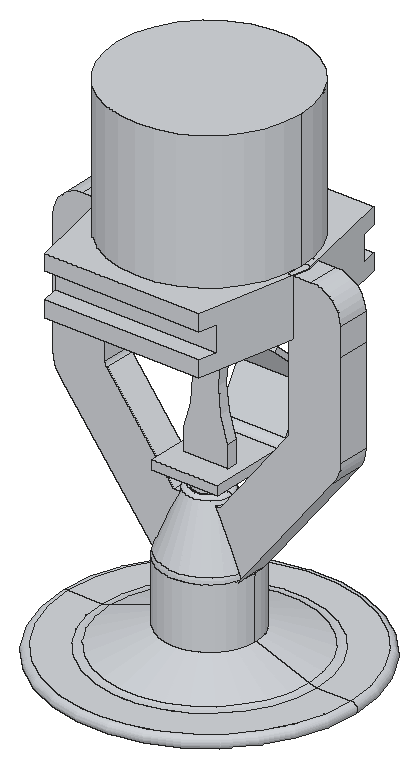
Revit family
Parameters (values of type "RASCO JL112 PENDENT")
  Temperature Rating = 212 °F
  Response = 1
  RASCO SIN # = "R7216"
  RASCO Part # = "JL112P2C"
  Pressure Rating = "175 PSI"
  Pressure Class = (empty or 0)
  Orifice Size = 3/4"
  Orifice = (empty or 0)
  Model = "JL112"
  Manufacturer = "RASCO"
  K-Factor = 11.2
  Description = "CHROME FINISH"
  Coverage = (empty or 0)
Reference planes (in)
  plane 1 "Center (Front/Back)": y = 0
  plane 2: z = 0
  plane 3 "Center (Left/Right)": x = 0
Nested families (in)
  nested 1: "JL112P2C" at (0, 0.0134, 2.95) x (-1, 0, 0) z (0, 0, -1), type "RASCO JL112 PENDENT"
Connectors (in)
  piping at (0, 0.0134, 2.95)
    settings: on nested 1, index 1, connector radius 1/2", flow factor 0, pipe flow 0 GPM, pressure drop 0.00 psi, fitting loss kfactor 0, connector angle 0.00°, fixture units 0, flow configuration 0, flow direction 0, fitting loss method 0, system type 7, connector reference index -1, connector utility 0, adjustable connector no, is connector primary yes, fitting loss table "", connector description ""
Definition of nested family "JL112P2C"
  Parameters (values of type "RASCO JL112 PENDENT")
    Type Comments = ""
    Temperature Rating = 0 °F
    Response = (empty or 0)
    Pressure Rating = "0"
    Pressure Class = (empty or 0)
    Orifice Size = 0"
    Orifice = (empty or 0)
    Model = ""
    Manufacturer = ""
    K-Factor = 0
    Description = ""
    Coverage = (empty or 0)
    Assembly Code = ""
  Reference planes (in)
    plane 1 "Center (Front/Back)": y = 0
    plane 2: z = 0
    plane 3 "REF.1": z = 0.773
    plane 4 "top": z = 2.8125
    plane 5: x = -0.81624
    plane 6: x = 0.81332
    plane 7 "ref.2": z = 2.098
    plane 8 "head": z = 2.6725
    plane 9 "left/right center": x = 0
    plane 10 "screw": z = 1.98251
    plane 11 "link2": through (0, -0.02489, 1.21079) normal (0, 0.6767, -0.7363)
    plane 12: z = 2.95
  Forms (in)
    Extrusion 1, solid
      sketch origin (0, 0, 0) x (1, 0, 0) y (0, 1, 0)
        loop
          circle (0, 0) r 0.5221
      from 0 to 0.773
    Extrusion 2, solid
      sketch origin (0, 0, 0.773) x (-1, 0, 0) y (0, -1, 0)
        loop
          line (-0.43619, -0.62052) -> (0.4375, -0.62052) -> (0.56391, 0) -> (0.4375, 0.62052) -> (-0.43619, 0.62052) -> (-0.56259, 0) -> (-0.43619, -0.62052)
      from 0 to 0.325
    Extrusion 3, void
      sketch origin (0, 0, 0) x (1, 0, 0) y (0, 0, 1)
        loop
          line (-0.56391, 1.00774) -> (-0.56391, 0.86298) -> (0.56259, 0.86298) -> (0.56259, 1.00774) -> (-0.56391, 1.00774)
      from 0.52148 to 0.62052
    Extrusion 4, solid
      sketch origin (0, 0, 0) x (1, 0, 0) y (0, 0, 1)
        loop
          line (-0.5221, 0.773) -> (-0.5221, 1.098) -> (-0.5221, 1.58091)
          arc (-0.5221, 1.58091) -> (-0.5194, 1.59708) -> (-0.51161, 1.61149) r 0.04979
          line (-0.51161, 1.61149) -> (-0.13316, 2.098) -> (-0.00066, 2.098) -> (0.13184, 2.098) -> (0.5115, 1.61158)
          arc (0.5115, 1.61158) -> (0.51938, 1.59706) -> (0.5221, 1.58077) r 0.05007
          line (0.5221, 1.58077) -> (0.5221, 1.098) -> (0.5221, 0.773) -> (0.64763, 0.773)
          arc (0.64763, 0.773) -> (0.76676, 0.82234) -> (0.8161, 0.94147) r 0.16847
          line (0.8161, 0.94147) -> (0.8161, 1.098) -> (0.8161, 1.63725)
          arc (0.8161, 1.63725) -> (0.80631, 1.69579) -> (0.77801, 1.74796) r 0.17993
          line (0.77801, 1.74796) -> (0.18552, 2.50706) -> (-0.18743, 2.50706) -> (-0.77818, 1.74764)
          arc (-0.77818, 1.74764) -> (-0.80636, 1.69554) -> (-0.8161, 1.63712) r 0.18
          line (-0.8161, 1.63712) -> (-0.8161, 1.098) -> (-0.8161, 0.94094)
          arc (-0.8161, 0.94094) -> (-0.76691, 0.82219) -> (-0.64816, 0.773) r 0.16794
          line (-0.64816, 0.773) -> (-0.5221, 0.773)
      from -0.08649 to 0.08732
    Extrusion 5, void
      sketch origin (0.00728, 1.142, 0) x (1, 0, 0) y (0, 0, 1)
        loop
          line (-0.56391, 1.00774) -> (-0.56391, 0.86298) -> (0.56259, 0.86298) -> (0.56259, 1.00774) -> (-0.56391, 1.00774)
      from 0.52148 to 0.62052
    Revolve 6, solid
      sketch origin (0, 0, 0) x (1, 0, 0) y (0, 0, 1)
        loop
          line (-0.00066, 2.8125) -> (-0.24139, 2.8125)
          arc (-0.24139, 2.8125) -> (-0.25522, 2.80677) -> (-0.26095, 2.79293) r 0.01957
          line (-0.26095, 2.79293) -> (-0.26095, 2.42899)
          arc (-0.26095, 2.42899) -> (-0.25939, 2.41285) -> (-0.25476, 2.3973) r 0.08419
          line (-0.25476, 2.3973) -> (-0.12582, 2.07995)
          arc (-0.12582, 2.07995) -> (-0.11591, 2.06775) -> (-0.10088, 2.06316) r 0.02692
          line (-0.10088, 2.06316) -> (-0.00066, 2.06316) -> (-0.00066, 2.8125)
        axis (-0.00066, 2.8125) -> (-0.00066, 2.06316)
      angle from 0 to 360
    Extrusion 7, solid
      sketch origin (0, 0, 2.8125) x (-1, 0, 0) y (0, -1, 0)
        loop
          circle (0.00095, 0) r 0.18173
      from 0 to 0.01153
    Extrusion 8, solid
      sketch origin (0, 0, 0) x (1, 0, 0) y (0, 0, 1)
        loop
          line (-0.00066, 1.098) -> (0.12634, 1.098) -> (0.12634, 1.25094)
          arc (0.12634, 1.25094) -> (0.07205, 1.52876) -> (0.12634, 1.80659) r 0.738
          line (0.12634, 1.80659) -> (0.12634, 1.9285) -> (-0.12716, 1.9285) -> (-0.12716, 1.80659)
          arc (-0.12716, 1.80659) -> (-0.07288, 1.52876) -> (-0.12716, 1.25094) r 0.73821
          line (-0.12716, 1.25094) -> (-0.12716, 1.098) -> (-0.00066, 1.098)
      from -0.02698 to 0.02489
    Extrusion 9, solid
      sketch origin (0, 0, 0) x (0, 0, -1) y (0, -1, 0)
        loop
          line (-1.92851, 0.17394) -> (-1.98251, 0.17394) -> (-1.98251, -0.23992)
          arc (-1.98251, -0.23992) -> (-1.96437, -0.3088) -> (-1.91467, -0.35983) r 0.13989
          line (-1.91467, -0.35983) -> (-1.70246, -0.48734)
          arc (-1.70246, -0.48734) -> (-1.69224, -0.50115) -> (-1.69478, -0.51815) r 0.02246
          line (-1.69478, -0.51815) -> (-1.72641, -0.57081) -> (-1.68013, -0.59862) -> (-1.63469, -0.52299)
          arc (-1.63469, -0.52299) -> (-1.62907, -0.4854) -> (-1.65167, -0.45485) r 0.04966
          line (-1.65167, -0.45485) -> (-1.89842, -0.30659)
          arc (-1.89842, -0.30659) -> (-1.92047, -0.28396) -> (-1.92851, -0.25341) r 0.06204
          line (-1.92851, -0.25341) -> (-1.92851, 0.17394)
      from -0.18664 to 0.18723
    Extrusion 10, solid
      sketch origin (0, 0, 1.98251) x (-1, 0, 0) y (0, -1, 0)
        loop
          circle (0, 0) r 0.087
      from 0 to 0.0806
    Extrusion 11, solid
      sketch origin (0, -0.61464, 0.66881) x (0, -0.736298, -0.676658) y (-1, 0, 0)
        loop
          line (-0.69009, 0.00066) -> (-0.69009, 0.24966) -> (-0.83009, 0.38966) -> (-1.45483, 0.38966) -> (-1.59483, 0.24966) -> (-1.59483, -0.24834) -> (-1.45483, -0.38834) -> (-0.83009, -0.38834) -> (-0.69009, -0.24834) -> (-0.69009, 0.00066)
      from -0.02887 to 0
    Revolve 12, solid
      sketch origin (0, 0, 0) x (1, 0, 0) y (0, 0, 1)
        loop
          arc (-0.80122, 2.885) -> (-0.83852, 2.91496) -> (-0.80594, 2.95) r 0.03267
          line (-0.80594, 2.95) -> (-0.60991, 2.95)
          arc (-0.60991, 2.95) -> (-0.57643, 2.94718) -> (-0.5439, 2.93879) r 0.2
          line (-0.5439, 2.93879) -> (-0.19802, 2.81786)
          arc (-0.19802, 2.81786) -> (-0.18245, 2.81385) -> (-0.16643, 2.8125) r 0.09569
          line (-0.16643, 2.8125) -> (-0.00095, 2.8125) -> (-0.00095, 2.7475) -> (-0.1684, 2.7475)
          arc (-0.1684, 2.7475) -> (-0.19336, 2.7496) -> (-0.21761, 2.75585) r 0.14908
          line (-0.21761, 2.75585) -> (-0.56462, 2.87718)
          arc (-0.56462, 2.87718) -> (-0.58732, 2.88303) -> (-0.61069, 2.885) r 0.13958
          line (-0.61069, 2.885) -> (-0.80604, 2.885)
        axis (0, 2.95) -> (0, 2.7475)
      angle from 0 to 360
  Cuts and joins
    Extrusion 3, Extrusion 5 cuts Extrusion 2
  Dimensions and locks (in)
    plane 12 to level = 0' - 2.95"
